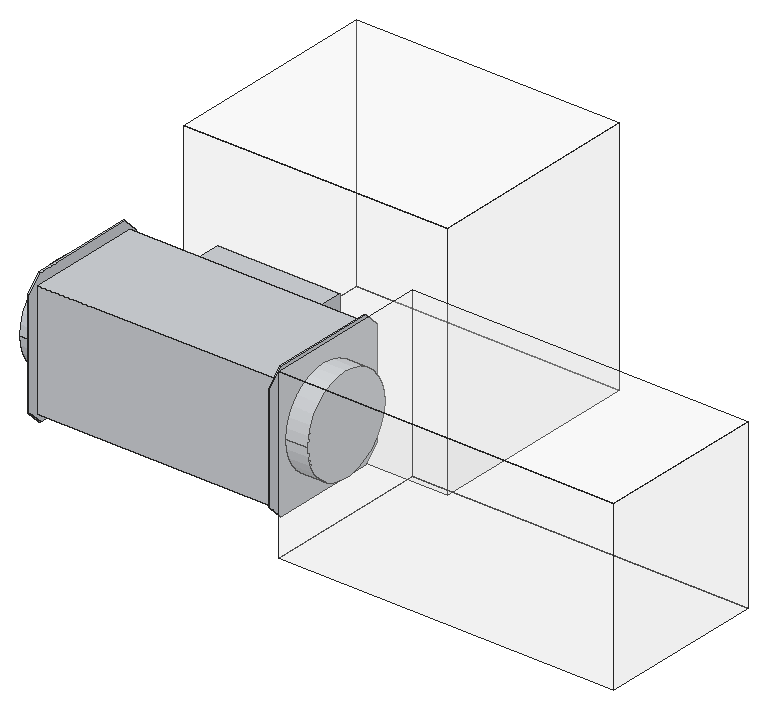
Revit family "140_VAV_変風量ユニット_丸ダクト用", category ダクト付属品, Revit 2020
Family settings
  丸型コネクタ寸法 = 直径を使用
  パーツ タイプ = 割り込み
  OmniClass 番号 = 23.75.70.11.14.14
  OmniClass タイトル = Dampers for Air Ductwork
  作業面ベース = いいえ
  常に垂直 = はい
  ロード時にボイドで切り取り = いいえ
  共有 = いいえ
Parameters (values of type "変風量ユニット_丸ダクト用")
  風量 [instance] = 0.0 m³/h
  風速 = 0.0 m/s
  質量 = 7.00 kg
  製品出荷対象 = ""
  製品リリース年月 = ""
  法定耐用年数 = "15"
  圧力損失 [instance] = 0.0 Pa
  メンテナンススペース [instance] = yes
  メンテ_W [instance] = 700 mm
  メンテ_H [instance] = 350 mm
  メンテ_D [instance] = 350 mm
  VAV長さ [instance] = 550 mm
  既定の高さ = 0 mm
  2D記号 = 記号_変風量ユニット : 1/100
  製品グループ = ""
  耐圧 [instance] = ""
  符号 = "VAV"
  積算_科目 = ""
  積算_拾い区分 [instance] = ""
  built-in parameter 1114242 [instance] = 1
  材質 = ""
  方向2 [instance] = not(方向1)  # no
  方向1 [instance] = yes
  文字 [instance] = ""
  呼称 = "変風量ユニット"
  分類コード = "50059004100020"
  分類グループ = ""
  企業コード = ""
  仕様書バージョン = "Version1.0"
  仕様7 [instance] = ""
  仕様6 [instance] = ""
  仕様5 [instance] = ""
  仕様4 [instance] = ""
  仕様3 [instance] = ""
  仕様2 [instance] = ""
  仕様 [instance] = ""
  ダクト径 [instance] = 200 mm
  本体マテリアル = none
  コメント [instance] = ""
  Width [instance] = 280 mm
  Version = ""
  Uniclass2015Version = "Systems v1.9"
  Uniclass2015Title = "Variable air volume boxes"
  Uniclass2015Code = "Pr_65_65_24_93"
  SpecificationReference = ""
  SpecificationDescription = ""
  Revision = ""
  ProductInformation = ""
  OmniClassCode = "23-33 41 17 13"
  IfcTypeProduct = ""
  IfcProduct = ""
  IfcExportType = "VARIABLEFLOWPRESSUREDEPENDANT"
  IfcExportAs = "IfcAirTerminalBoxType"
  Height [instance] = 280 mm
  Depth = 600 mm
  Author = "Revit User Group Japan"
  2D [instance] = yes
Reference planes
  plane 1 "中心(正面/背面)": y = 0
  plane 2: z = 0
  plane 3 "中心(左/右)": x = 0
  plane 4: y = 140
  plane 5: x = 300
  plane 6: z = 140
  plane 7: z = -140
  plane 8: x = 0
  plane 9: y = -140
  plane 10: x = -300
  plane 11: x = -250
  plane 12: x = 250
  plane 13: y = 120
  plane 14: y = -120
  plane 15: z = 120
  plane 16: z = -120
  plane 17: y = -110
  plane 18: y = 110
  plane 19: z = 110
  plane 20: z = -110
  plane 21: y = -140
Forms (mm)
  Extrusion 1, solid, material <- "本体マテリアル", detail levels medium+fine
    sketch origin (-158.75, 0, 0) x (1, 0, 0) y (0, 1, 0)
      loop
        line (-91.25, 120) -> (-91.25, -120) -> (408.75, -120) -> (408.75, 120) -> (-91.25, 120)
    from -120 to 120
  Extrusion 2, solid, material <- "本体マテリアル", detail levels fine
    sketch origin (0, 0, 0) x (0, 1, 0) y (0, 0, 1)
      loop
        circle (0, 0) r 100
    from -300 to -250
  Extrusion 3, solid, material <- "本体マテリアル", detail levels fine
    sketch origin (0, 0, 0) x (0, 1, 0) y (0, 0, 1)
      loop
        circle (0, 0) r 100
    from 250 to 300
  Extrusion 4, solid, material <- "本体マテリアル", detail levels fine
    sketch origin (0, 0, 0) x (0, 1, 0) y (0, 0, 1)
      loop
        line (110, -140) -> (140, -110) -> (140, 110) -> (110, 140) -> (-110, 140) -> (-140, 110) -> (-140, -110) -> (-110, -140) -> (110, -140)
    from -250 to -252.5
  Extrusion 5, solid, material <- "本体マテリアル", detail levels fine
    sketch origin (0, 0, 0) x (0, 1, 0) y (0, 0, 1)
      loop
        line (110, -140) -> (140, -110) -> (140, 110) -> (110, 140) -> (-110, 140) -> (-140, 110) -> (-140, -110) -> (-110, -140) -> (110, -140)
    from 250 to 252.5
  Extrusion 6, solid
    sketch origin (-11.5, -10, 0) x (1, 0, 0) y (0, 1, 0)
      loop
        line (-168.5, 275) -> (-168.5, 130) -> (86.5, 130) -> (86.5, 275) -> (-168.5, 275)
    from -50 to 50
Lines and regions (mm)
  symbolic lines, visible <- "方向1", detail levels medium+fine
    curve 1: line (-250, 120, 0) -> (250, 0, 0)
    curve 2: line (250, 0, 0) -> (-250, -120, 0)
  symbolic lines, visible <- "方向2", detail levels fine
    curve 3: line (250, 120, 0) -> (-250, 0, 0)
    curve 4: line (-250, 0, 0) -> (250, -120, 0)
  model lines, style "メンテナンススペース", visible <- "メンテナンススペース"
    curve 5: line (-250, 715, 0) -> (300, 265, 0)
    curve 6: line (300, 715, 0) -> (-250, 265, 0)
Dimensions and locks
  equal spacing: plane 6, plane 2, plane 7
  equal spacing: plane 4, plane 1 "中心(正面/背面)", plane 9
  "Width": plane 4 to plane 9
  "Width": plane 7 to plane 6
  equal spacing: plane 10, plane 3 "中心(左/右)", plane 5
  "Depth": plane 10 to plane 5
  locked: plane 12 to plane 5 at 50
  locked: plane 10 to plane 11 at 50
  locked: plane 4 to plane 13 at 20
  locked: plane 9 to plane 14 at 20
  locked: plane 15 to plane 6 at 20
  locked: plane 7 to plane 16 at 20
  locked: plane 4 to plane 18 at 30
  locked: plane 17 to plane 9 at 30
  locked: plane 19 to plane 6 at 30
  locked: plane 7 to plane 20 at 30
  locked: plane 12 to Extrusion 5 at 2.5
  locked: Extrusion 4 to plane 11 at 2.5
  "Height": plane 4 to plane 21
  locked: Extrusion 6 to Extrusion 6 at 255
  "ダクト径": diameter of Extrusion 3 sketch curve
  "ダクト径": diameter of Extrusion 2 sketch curve
  aligned and locked: plane 3 "中心(左/右)" to plane 8
  aligned and locked: Extrusion 2 to plane 10
  aligned and locked: plane 11 to Extrusion 2
  aligned and locked: Extrusion 3 to plane 12
  aligned and locked: Extrusion 1 to plane 15
  aligned and locked: plane 16 to Extrusion 1
  aligned and locked: Extrusion 5 to plane 12
  aligned and locked: Extrusion 4 to plane 11
  aligned and locked: plane 5 to Extrusion 3
  aligned and locked: plane 1 "中心(正面/背面)" to nested 1
  aligned and locked: nested 2 to plane 1 "中心(正面/背面)"
  aligned and locked: nested 2 to plane 8
  aligned and locked: plane 8 to nested 1
  aligned and locked: nested 4 to curve 6
  aligned and locked: curve 6 to nested 4
  aligned and locked: nested 4 to curve 5  (x2)
Automatic sketch dimensions
  curve 1 to plane 11 = 0 mm
  plane 1 "中心(正面/背面)" to curve 4 = 0 mm
  curve 4 to plane 11 = 0 mm
  curve 2 to plane 11 = 0 mm
  curve 4 to plane 12 = 0 mm
  plane 1 "中心(正面/背面)" to curve 1 = 0 mm
  curve 1 to plane 12 = 0 mm
  curve 3 to plane 12 = 0 mm
  curve 5 to plane 5 = 0 mm
  curve 2 to plane 14 = 0 mm
  curve 4 to plane 14 = 0 mm
  curve 1 to plane 13 = 0 mm
  curve 3 to plane 13 = 0 mm
  plane 4 to curve 6 = 125 mm
  curve 5 to curve 6 = 450 mm
  curve 6 to curve 5 = 450 mm
  Extrusion 1 sketch curve to plane 11 = 0 mm
  Extrusion 1 sketch curve to plane 12 = 0 mm
  Extrusion 1 sketch curve to plane 14 = 0 mm
  Extrusion 1 sketch curve to plane 13 = 0 mm
  Extrusion 2 sketch curve to level = 0 mm
  Extrusion 2 sketch curve to plane 1 "中心(正面/背面)" = 0 mm
  Extrusion 3 sketch curve to level = 0 mm
  Extrusion 3 sketch curve to plane 1 "中心(正面/背面)" = 0 mm
  Extrusion 4 sketch curve to plane 9 = 0 mm
  plane 7 to Extrusion 4 sketch curve = 0 mm
  Extrusion 4 sketch curve to plane 17 = 0 mm  (x2)
  plane 6 to Extrusion 4 sketch curve = 0 mm
  Extrusion 4 sketch curve to plane 18 = 0 mm  (x2)
  Extrusion 4 sketch curve to plane 4 = 0 mm
  plane 20 to Extrusion 4 sketch curve = 0 mm  (x2)
  plane 19 to Extrusion 4 sketch curve = 0 mm  (x2)
  Extrusion 5 sketch curve to plane 9 = 0 mm
  plane 7 to Extrusion 5 sketch curve = 0 mm
  Extrusion 5 sketch curve to plane 17 = 0 mm  (x2)
  plane 6 to Extrusion 5 sketch curve = 0 mm
  Extrusion 5 sketch curve to plane 18 = 0 mm  (x2)
  Extrusion 5 sketch curve to plane 4 = 0 mm
  plane 20 to Extrusion 5 sketch curve = 0 mm  (x2)
  plane 19 to Extrusion 5 sketch curve = 0 mm  (x2)
  Extrusion 6 sketch curve to plane 13 = 0 mm
  plane 11 to Extrusion 6 sketch curve = 70 mm
  plane 3 "中心(左/右)" to Extrusion 6 sketch curve = 75 mm
  plane 4 to Extrusion 6 sketch curve = 125 mm
Nested families
  nested 1: "記号_変風量ユニット" at (0, 0, 0), type "1/100", detail levels coarse
  nested 2: "記号_変風量ユニット" at (0, 0, 0) x (-1, 0, 0) z (0, 0, 1), type "1/100", not visible, detail levels coarse
  nested 3: "2D" at (650, 0, 0), visible <- "2D", type "サービススペース"
    with Width 700 mm, Height 350 mm, Depth 350 mm
  nested 4: "メンテナンススペース" at (25, 490, 0), visible <- "メンテナンススペース", type "サービススペース"
    with Width 550 mm, Depth 450 mm
Connectors
  hvac at (300, 0, 0), driven by "ダクト径", driven by "圧力損失", driven by "風量"
    settings: on Extrusion 3, index 3, duct flow 0.0 m³/h, flow factor 0, pres drop 0.0 Pa, loss coef 0, conn angle 0.00°, conn width 304.8 mm, conn height 304.8 mm, conn diameter 200 mm, duct sys type 29, conn prof type 0, flow config 1, flow direction 1, loss method 4, conn ref index 4, conn util no, is conn primary no, conn desc ""
  hvac at (-300, 0, 0), driven by "ダクト径", driven by "圧力損失", driven by "風量"
    settings: on Extrusion 2, index 4, duct flow 0.0 m³/h, flow factor 0, pres drop 0.0 Pa, loss coef 0, conn angle 0.00°, conn width 304.8 mm, conn height 304.8 mm, conn diameter 200 mm, duct sys type 29, conn prof type 0, flow config 1, flow direction 2, loss method 4, conn ref index 3, conn util no, is conn primary yes, conn desc ""
Definition of nested family "2D"
  Parameters (values of type "サービススペース")
    Default Elevation = 0 mm
    Width = 500 mm
    Height = 500 mm
    Depth = 500 mm
  Reference planes
    plane 1 "中心(正面/背面)": y = 0
    plane 2: z = 0
    plane 3 "中心(左/右)": x = 0
    plane 4: y = -250
    plane 5: x = 250
    plane 6: y = 250
    plane 7: x = -250
    plane 8: z = 250
    plane 9: z = -250
  Forms (mm)
    Extrusion 1, solid
      sketch origin (-638.939, 0, 72.39) x (1, 0, 0) y (0, 1, 0)
        loop
          line (388.939, 250) -> (388.939, -250) -> (888.939, -250) -> (888.939, 250) -> (388.939, 250)
      from -322.39 to 177.61
  Lines and regions (mm)
    symbolic lines
      curve 1: line (-250, 0, 250) -> (250, 0, 250)
      curve 2: line (-250, 0, -250) -> (-250, 0, 250)
      curve 3: line (250, 0, -250) -> (-250, 0, -250)
      curve 4: line (250, 0, 250) -> (250, 0, -250)
      curve 5: line (0, -250, 250) -> (0, 250, 250)
      curve 6: line (0, -250, -250) -> (0, -250, 250)
      curve 7: line (0, 250, -250) -> (0, -250, -250)
      curve 8: line (0, 250, 250) -> (0, 250, -250)
      curve 9: line (-250, 250, 0) -> (250, 250, 0)
      curve 10: line (-250, -250, 0) -> (-250, 250, 0)
      curve 11: line (250, -250, 0) -> (-250, -250, 0)
      curve 12: line (250, 250, 0) -> (250, -250, 0)
  Dimensions and locks
    equal spacing: plane 7, plane 3 "中心(左/右)", plane 5
    equal spacing: plane 4, plane 1 "中心(正面/背面)", plane 6
    "Depth": plane 4 to plane 6
    "Width": plane 7 to plane 5
    equal spacing: plane 8, plane 2, plane 9
    "Height": plane 8 to plane 9
    aligned and locked: plane 9 to curve 3
    aligned and locked: plane 7 to curve 2
    aligned and locked: curve 4 to plane 5
    aligned and locked: plane 5 to Extrusion 1
    aligned and locked: Extrusion 1 to plane 7
    aligned and locked: Extrusion 1 to plane 9
    aligned and locked: plane 8 to Extrusion 1
    aligned and locked: plane 9 to curve 7
  Automatic sketch dimensions
    plane 4 to Extrusion 1 sketch curve = 0 mm
    Extrusion 1 sketch curve to plane 7 = 0 mm
    Extrusion 1 sketch curve to plane 5 = 0 mm
    plane 6 to Extrusion 1 sketch curve = 0 mm
    curve 2 to plane 8 = 0 mm
    plane 4 to curve 11 = 0 mm
    curve 11 to plane 7 = 0 mm
    curve 11 to plane 5 = 0 mm
    plane 6 to curve 10 = 0 mm
    curve 7 to plane 4 = 0 mm
    curve 7 to plane 6 = 0 mm
    curve 6 to plane 8 = 0 mm
Definition of nested family "メンテナンススペース"
  Parameters (values of type "サービススペース")
    Default Elevation = 0 mm
    Width = 500 mm
    Height = 500 mm
    Depth = 500 mm
  Reference planes
    plane 1 "中心(正面/背面)": y = 0
    plane 2: z = 0
    plane 3 "中心(左/右)": x = 0
    plane 4: y = -250
    plane 5: x = 250
    plane 6: y = 250
    plane 7: x = -250
    plane 8: z = 250
    plane 9: z = -250
  Forms (mm)
    Extrusion 1, solid
      sketch origin (-638.939, 0, 72.39) x (1, 0, 0) y (0, 1, 0)
        loop
          line (388.939, 250) -> (388.939, -250) -> (888.939, -250) -> (888.939, 250) -> (388.939, 250)
      from -322.39 to 177.61
  Lines and regions (mm)
    symbolic lines
      curve 1: line (-250, 0, 250) -> (250, 0, 250)
      curve 2: line (-250, 0, -250) -> (-250, 0, 250)
      curve 3: line (250, 0, -250) -> (-250, 0, -250)
      curve 4: line (250, 0, 250) -> (250, 0, -250)
      curve 5: line (0, -250, 250) -> (0, 250, 250)
      curve 6: line (0, -250, -250) -> (0, -250, 250)
      curve 7: line (0, 250, -250) -> (0, -250, -250)
      curve 8: line (0, 250, 250) -> (0, 250, -250)
      curve 9: line (-250, 250, 0) -> (250, 250, 0)
      curve 10: line (-250, -250, 0) -> (-250, 250, 0)
      curve 11: line (250, -250, 0) -> (-250, -250, 0)
      curve 12: line (250, 250, 0) -> (250, -250, 0)
  Dimensions and locks
    equal spacing: plane 7, plane 3 "中心(左/右)", plane 5
    equal spacing: plane 4, plane 1 "中心(正面/背面)", plane 6
    "Depth": plane 4 to plane 6
    "Width": plane 7 to plane 5
    equal spacing: plane 8, plane 2, plane 9
    "Height": plane 8 to plane 9
    aligned and locked: plane 9 to curve 3
    aligned and locked: plane 7 to curve 2
    aligned and locked: curve 4 to plane 5
    aligned and locked: plane 5 to Extrusion 1
    aligned and locked: Extrusion 1 to plane 7
    aligned and locked: Extrusion 1 to plane 9
    aligned and locked: plane 8 to Extrusion 1
    aligned and locked: plane 9 to curve 7
  Automatic sketch dimensions
    plane 4 to Extrusion 1 sketch curve = 0 mm
    Extrusion 1 sketch curve to plane 7 = 0 mm
    Extrusion 1 sketch curve to plane 5 = 0 mm
    plane 6 to Extrusion 1 sketch curve = 0 mm
    curve 2 to plane 8 = 0 mm
    plane 4 to curve 11 = 0 mm
    curve 11 to plane 7 = 0 mm
    curve 11 to plane 5 = 0 mm
    plane 6 to curve 10 = 0 mm
    curve 7 to plane 4 = 0 mm
    curve 7 to plane 6 = 0 mm
    curve 6 to plane 8 = 0 mm
Definition of nested family "記号_変風量ユニット"
  Parameters
    倍率 = 1
    W = 5 mm * 倍率  # 5 mm
    D = 3 mm * 倍率  # 3 mm
  Reference planes
    plane 1: y = 0
    plane 2: x = 0
  Lines and regions (mm)
    Filled region 1, type "塗り潰し領域"
      outline origin (0, 0, 0) x (1, 0, 0) y (0, 1, 0)
        loop
          line (-2.5, -1.5) -> (2.5, 0) -> (-2.5, 1.5) -> (-2.5, -1.5)
    detail lines
      curve 1: line (-2.5, 1.5, 0) -> (2.5, 1.5, 0)
      curve 2: line (-2.5, -1.5, 0) -> (-2.5, 1.5, 0)
      curve 3: line (2.5, -1.5, 0) -> (-2.5, -1.5, 0)
      curve 4: line (2.5, 1.5, 0) -> (2.5, -1.5, 0)
      curve 5: line (-2.5, 1.5, 0) -> (2.5, 0, 0)
      curve 6: line (-2.5, -1.5, 0) -> (2.5, 0, 0)
    reference lines
      curve 7: line (-2.5, -4.77, 0) -> (-2.5, 4.892, 0)
      curve 8: line (2.5, 4.892, 0) -> (2.5, -4.77, 0)
      curve 9: line (-4.482, 1.5, 0) -> (4.48, 1.5, 0)
      curve 10: line (4.48, -1.5, 0) -> (-4.482, -1.5, 0)
  Dimensions and locks
    equal spacing: curve 10, plane 1, curve 9
    "D": curve 9 to curve 10
    equal spacing: curve 7, plane 2, curve 8
    "W": curve 7 to curve 8
    aligned and locked: curve 9 to curve 1
    aligned and locked: curve 10 to curve 3
    aligned and locked: curve 7 to curve 2
    aligned and locked: curve 8 to curve 4
    aligned and locked: curve 2 to Filled region 1 sketch curve
    aligned and locked: Filled region 1 sketch curve to curve 5
    aligned and locked: Filled region 1 sketch curve to curve 6
  Automatic sketch dimensions
    plane 1 to curve 5 = 0 mm
    curve 9 to curve 7 = 1.982 mm
    curve 10 to curve 9 = 0 mm
    curve 8 to curve 10 = 1.98 mm
    curve 9 to curve 10 = 0 mm
    curve 7 to curve 10 = 3.27 mm
    curve 8 to curve 10 = 3.27 mm
    curve 9 to curve 8 = 3.392 mm
    curve 9 to curve 7 = 3.392 mm
